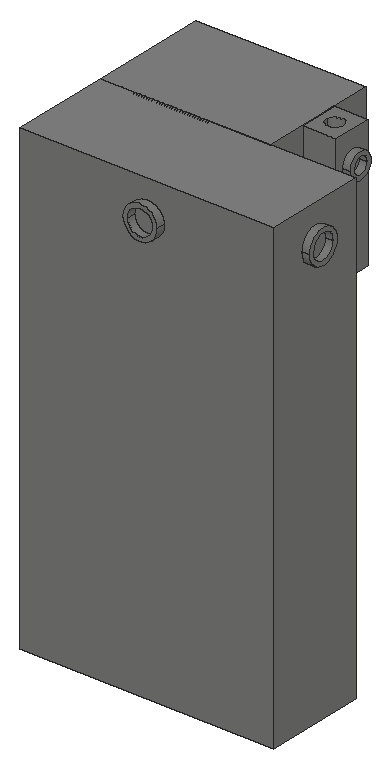
Revit family "Oil_Interceptors-Integral_Storage_Compartment-Jay R. Smith-8599_Series", category Specialty Equipment, host Face, Revit 2021
Family settings
  Host = Face
  Round Connector Dimension = Use Diameter
  Part Type = Normal
  OmniClass Number = 23.70.50.11.14.11
  OmniClass Title = Oil-Water Separators
  Cut with Voids When Loaded = No
  Shared = No
  Room Calculation Point = No
Parameters (values of type "8599-15-50")
  Waste Connection = yes
  Vent Connection Diameter = 3"  # constant formula
  Vent Connection = no
  URL = "https://www.jrsmith.com/"
  Traffic Rated Cover -H20 = no
  S Dimension = 9 3/4"
  R2 = (A Dimension / 2) + 1/2"  # 1 1/2"
  R1 = (Vent Connection Diameter / 2) + 1/2"  # 2"
  R Dimension = 55"
  Q Dimension = 12"
  Product Page URL = "https://www.jrsmith.com/oil-interceptors-8599"
  Product Documentation Link = "https://www.jrsmith.com/uploads/fileLibrary/d8599.pdf?v=638962435739970328"
  P Dimension = 50 3/4"
  Outlet Connection Diameter = A Dimension  # 2"
  Outlet Connection Description = "2\" Outlet Connection"
  N Dimension = 30"
  Model = "8599-15-50"
  Material = "Steel-Jay R. Smith-Fabricated"  # constant formula
  Manufacturer Product Line = "Drainage Products"  # constant formula
  Manufacturer = "Jay R. Smith"  # constant formula
  M Dimension = F Dimension + Q Dimension  # 26"
  J Dimension = 10 1/4"
  Installation Type = "Floor Mounted"  # constant formula
  Inlet/Outlet Radius = A Dimension / 2  # 1"
  Inlet Connection Diameter = A Dimension  # 2"
  Inlet Connection Description = "2\" Inlet Connection"
  High Level Sensor and Control Panel -CBS = no
  HW Connection = no
  H Dimension = 12"
  G Dimension = 2"
  Flow Rate = 50 GPM
  Finish = Steel-Jay R. Smith-Fabricated
  F Dimension = 14"
  Extension -E (Specify Height eg -E12 for 12" ext.) = no
  E Dimension = B Dimension + C Dimension  # 15 1/2"
  Double Wall Containment - DWC (Note 1) = no
  Description = "Oil Interceptors with Integral Storage Compartment"  # constant formula
  Default Elevation = 0"
  D Dimension = 25"
  Creation Date = "21/10/2025"  # constant formula
  Capacity = "15 Gals."
  CW Connection = no
  C Dimension = 3 1/2"
  B Dimension = 12"
  Assembly Code = "D2090300"
  A Dimension = 2"
  4"(100) Cleanout Access = no
Types (18): name | S Dimension | R2 | R Dimension | Q Dimension | P Dimension | Outlet Connection Diameter | Outlet Connection Description | N Dimension | Model | M Dimension | J Dimension | Inlet/Outlet Radius | Inlet Connection Diameter | Inlet Connection Description | H Dimension | G Dimension | Flow Rate | F Dimension | E Dimension | D Dimension | Capacity | C Dimension | B Dimension | A Dimension
  (no name) | 9 3/4" | 1 1/2" | 55" | 12" | 50 3/4" | 2" | "2\" Outlet Connection" | 30" | "8599-15-50" | 26" | 10 1/4" | 1" | 2" | "2\" Inlet Connection" | 12" | 2" | 50 GPM | 14" | 15 1/2" | 25" | "15 Gals." | 3 1/2" | 12" | 2"
  8599-10-5 | 9 1/4" | 1 1/2" | 13 1/4" | 11" | 10 1/4" | 2" | "2\" Outlet Connection" | 21 1/4" | "8599-10-5" | 24" | 9 1/2" | 1" | 2" | "2\" Inlet Connection" | 9 3/4" | 2" | 5 GPM | 13" | 13 1/4" | 21 1/4" | "10 Gals." | 3 3/4" | 9 1/2" | 2"
  8599-10-50 | 9 1/4" | 1 1/2" | 55" | 12" | 50 3/4" | 2" | "2\" Outlet Connection" | 30" | "8599-10-5" | 25" | 9 1/2" | 1" | 2" | "2\" Inlet Connection" | 9 3/4" | 2" | 50 GPM | 13" | 13 1/4" | 21 1/4" | "10 Gals." | 3 3/4" | 9 1/2" | 2"
  8599-15-50 | 9 3/4" | 1 1/2" | 55" | 12" | 50 3/4" | 2" | "2\" Outlet Connection" | 30" | "8599-15-50" | 26" | 10 1/4" | 1" | 2" | "2\" Inlet Connection" | 12" | 2" | 50 GPM | 14" | 15 1/2" | 25" | "15 Gals." | 3 1/2" | 12" | 2"
  8599-20-50 | 12 1/2" | 2" | 55" | 12" | 50 3/4" | 3" | "3\" Outlet Connection" | 30" | "8599-20-50" | 27 3/4" | 12" | 1 1/2" | 3" | "3\" Inlet Connection" | 13 1/2" | 2" | 50 GPM | 15 3/4" | 17" | 28 1/2" | "20 Gals." | 4" | 13" | 3"
  8599-25-100 | 13 1/2" | 2" | 61" | 15" | 56 3/4" | 3" | "3\" Outlet Connection" | 50 3/4" | "8599-25-100" | 31 3/4" | 12 3/4" | 1 1/2" | 3" | "3\" Inlet Connection" | 16 1/4" | 2" | 100 GPM | 16 3/4" | 19 3/4" | 30" | "25 Gals." | 4 1/2" | 15 1/4" | 3"
  8599-35-100 | 14" | 2" | 61" | 15" | 56 3/4" | 3" | "3\" Outlet Connection" | 50 3/4" | "8599-35-100" | 33 1/4" | 14 1/2" | 1 1/2" | 3" | "3\" Inlet Connection" | 17 1/2" | 2" | 100 GPM | 18 1/4" | 21" | 32 1/2" | "35 Gals." | 5" | 16" | 3"
  8599-50-100 | 16 3/4" | 2" | 61" | 15" | 56 3/4" | 3" | "3\" Outlet Connection" | 50 3/4" | "8599-50-100" | 35 3/4" | 16" | 1 1/2" | 3" | "3\" Inlet Connection" | 20 3/4" | 2" | 100 GPM | 20 3/4" | 24 1/4" | 35 1/2" | "50 Gals." | 6 3/4" | 17 1/2" | 3"
  8599-75-100 | 24" | 2 1/2" | 61" | 15" | 56 3/4" | 4" | "4\" Outlet Connection" | 50 3/4" | "8599-75-100" | 45 1/2" | 21" | 2" | 4" | "4\" Inlet Connection" | 32 3/4" | 3" | 100 GPM | 30 1/2" | 37" | 50 3/4" | "75 Gals." | 15 1/2" | 21 1/2" | 4"
  8599-100-250 | 25" | 2 1/2" | 65" | 25" | 60 3/4" | 4" | "4\" Outlet Connection" | 60 3/4" | "8599-100-250" | 58 1/2" | 23" | 2" | 4" | "4\" Inlet Connection" | 39 1/4" | 3" | 250 GPM | 33 1/2" | 43 1/2" | 54 3/4" | "100 Gals." | 16 1/2" | 27" | 4"
  8599-150-250 | 27" | 3" | 65" | 25" | 60 3/4" | 5" | "5\" Outlet Connection" | 60 3/4" | "8599-150-250" | 63 1/2" | 25 1/2" | 2 1/2" | 5" | "5\" Inlet Connection" | 46 1/4" | 4" | 250 GPM | 38 1/2" | 50 1/2" | 60 3/4" | "150 Gals." | 17 1/2" | 33" | 5"
  8599-200-250 | 27" | 3" | 65" | 25" | 60 3/4" | 5" | "5\" Outlet Connection" | 60 3/4" | "8599-200-250" | 68 1/2" | 29" | 2 1/2" | 5" | "5\" Inlet Connection" | 50 1/4" | 4" | 250 GPM | 43 1/2" | 54 1/2" | 67 3/4" | "200 Gals." | 17 1/2" | 37" | 5"
  8599-250-500 | 27 1/2" | 3" | 76" | 32" | 71 3/4" | 5" | "5\" Outlet Connection" | 90 3/4" | "8599-250-500" | 79 1/2" | 32" | 2 1/2" | 5" | "5\" Inlet Connection" | 53 3/4" | 4" | 500 GPM | 47 1/2" | 58" | 73 3/4" | "250 Gals." | 18" | 40" | 5"
  8599-300-500 | 27 1/2" | 3" | 76" | 32" | 71 3/4" | 5" | "5\" Outlet Connection" | 90 3/4" | "8599-300-500" | 86 1/4" | 38" | 2 1/2" | 5" | "5\" Inlet Connection" | 57 1/4" | 4" | 500 GPM | 54 1/4" | 61 1/2" | 85 3/4" | "300 Gals." | 18" | 43 1/2" | 5"
  8599-350-500 | 27 1/2" | 3" | 76" | 32" | 71 3/4" | 5" | "5\" Outlet Connection" | 90 3/4" | "8599-350-500" | 86 1/2" | 38" | 2 1/2" | 5" | "5\" Inlet Connection" | 57 1/4" | 4" | 500 GPM | 54 1/2" | 61 1/2" | 85 3/4" | "350 Gals." | 18" | 43 1/2" | 5"
  8599-400-500 | 27 1/2" | 3 1/2" | 76" | 32" | 71 3/4" | 6" | "6\" Outlet Connection" | 90 3/4" | "8599-400-500" | 86 1/2" | 38" | 3" | 6" | "6\" Inlet Connection" | 57 1/4" | 4" | 500 GPM | 54 1/2" | 61 1/2" | 85 3/4" | "400 Gals." | 18" | 43 1/2" | 6"
  8599-450-500 | 28" | 3 1/2" | 76" | 32" | 71 3/4" | 6" | "6\" Outlet Connection" | 90 3/4" | "8599-450-500" | 96 1/2" | 46" | 3" | 6" | "6\" Inlet Connection" | 61 3/4" | 5" | 500 GPM | 64 1/2" | 66" | 103 1/4" | "450 Gals." | 18" | 48" | 6"
  8599-500-750 | 28" | 3 1/2" | 88" | 35" | 83 3/4" | 6" | "6\" Outlet Connection" | 103 1/4" | "8599-500-750" | 99 1/2" | 46" | 3" | 6" | "6\" Inlet Connection" | 61 3/4" | 5" | 750 GPM | 64 1/2" | 66" | 103 1/4" | "500 Gals." | 18" | 48" | 6"
Reference planes (in)
  plane 1 "Center (Front/Back)": y = 0
  plane 2: z = 0
  plane 3 "Center (Left/Right)": x = 0
  plane 4: z = 0
  plane 5: x = 25
  plane 6: x = 10.25
  plane 7: y = 14
  plane 8: y = -12
  plane 9: z = 55
  plane 10: z = 45.25
  plane 11 "P": z = 50.75
  plane 12: z = 51.5
  plane 13: z = 39.5
  plane 14: z = 51.5
  plane 15: y = -6
  plane 16: y = 7
  plane 17: x = 15
  plane 18: x = -1
  plane 19: y = 15
  plane 20: x = 31
  plane 21: y = 4.66667
  plane 22: y = 9.33333
  plane 23: y = -13
  plane 24: x = 24
  plane 25: x = 23
  plane 26: x = 21
  plane 27: x = 20
  plane 28: x = 30
Forms (in)
  Extrusion 1, solid, material "Steel-Jay R. Smith-Fabricated" <- "Finish"
    sketch origin (0, 0, 0) x (1, 0, 0) y (0, 1, 0)
      loop
        line (0, 0) -> (0, -12) -> (30, -12) -> (30, 0) -> (0, 0)
    from 0 to 55
  Extrusion 2, solid, material "Steel-Jay R. Smith-Fabricated" <- "Finish"
    sketch origin (0, 0, 0) x (0, 1, 0) y (0, 0, 1)
      loop
        circle (-6, 50.75) r 2
      loop
        circle (-6, 50.75) r 1.5
    from -1 to 31
  Extrusion 3, solid, material "Steel-Jay R. Smith-Fabricated" <- "Finish"
    sketch origin (0, 29.25, 0) x (0, 1, 0) y (0, 0, 1)
      loop
        circle (-22.25, 51.5) r 1
      loop
        circle (-22.25, 51.5) r 1.5
    from -1 to 25
  Extrusion 4, solid, material "Steel-Jay R. Smith-Fabricated" <- "Finish"
    sketch origin (0, 0, 0) x (1, 0, 0) y (0, 0, 1)
      loop
        circle (10.25, 51.5) r 1.5
      loop
        circle (10.25, 51.5) r 2
    from 0 to -15
  Extrusion 5, solid, material "Steel-Jay R. Smith-Fabricated" <- "Finish"
    sketch origin (0, 0, 0) x (1, 0, 0) y (0, 0, 1)
      loop
        circle (15, 50.75) r 1.5
      loop
        circle (15, 50.75) r 2
    from 0 to 13
  Extrusion 6, solid, material "Steel-Jay R. Smith-Fabricated" <- "Finish"
    sketch origin (0, 0, 0) x (0, 1, 0) y (0, 0, 1)
      loop
        line (4.66667, 55) -> (4.66667, 39.5) -> (9.33333, 39.5) -> (9.33333, 55) -> (4.66667, 55)
    from 24 to 20
  Extrusion 7, void
    sketch origin (0, 0, 0) x (1, 0, 0) y (0, 1, 0)
      loop
        circle (22, 7) r 1
    from 39.5 to 55
  Extrusion 8, solid, material "Steel-Jay R. Smith-Fabricated" <- "Finish"
    sketch origin (0, 0, 0) x (1, 0, 0) y (0, 1, 0)
      loop
        line (0, 14) -> (0, 0) -> (20, 0) -> (20, 14) -> (0, 14)
    from 39.5 to 55
Cuts and joins
  Extrusion 7 cuts Extrusion 6
Dimensions and locks (in)
  "D Dimension": plane 3 "Center (Left/Right)" to plane 5
  "J Dimension": plane 3 "Center (Left/Right)" to plane 6
  "F Dimension": plane 1 "Center (Front/Back)" to plane 7
  "Q Dimension": plane 8 to plane 1 "Center (Front/Back)"
  plane 7 to plane 8 = 26"
  plane 8 to plane 1 "Center (Front/Back)" = 12"
  plane 1 "Center (Front/Back)" to plane 7 = 14"
  "R Dimension": plane 9 to level
  "S Dimension": plane 9 to plane 10
  "P Dimension": plane 11 "P" to level
  "C Dimension": plane 9 to plane 12
  "B Dimension": plane 12 to plane 13
  "H Dimension": plane 14 to plane 13
  equal spacing: plane 8, plane 15, plane 1 "Center (Front/Back)"
  equal spacing: plane 1 "Center (Front/Back)", plane 16, plane 7
  plane 6 to plane 3 "Center (Left/Right)" = 10 1/4"
  plane 13 to plane 14 = 12"
  plane 18 to plane 3 "Center (Left/Right)" = 1"
  locked: plane 19 to plane 7 at 1
  equal spacing: plane 1 "Center (Front/Back)", plane 21, plane 22, plane 7
  locked: plane 8 to plane 23 at 1
  plane 25 to plane 24 to plane 5 = 1" locked, 1" locked
  "G Dimension": plane 26 to plane 25
  locked: plane 27 to plane 26 at 1
  equal spacing: plane 26, Extrusion 7 sketch curve, plane 25
  "N Dimension": plane 3 "Center (Left/Right)" to plane 28
  locked: plane 28 to plane 20 at 1
  equal spacing: plane 28, plane 17, plane 3 "Center (Left/Right)"
  plane 11 "P" to host face = 50 3/4"
  "Inlet/Outlet Radius": radius of Extrusion 3 sketch curve
  "G Dimension": diameter of Extrusion 7 sketch curve
  "R1": radius of Extrusion 2 sketch curve
  "R1": radius of Extrusion 5 sketch curve
  "R2": radius of Extrusion 3 sketch curve
  "R1": radius of Extrusion 4 sketch curve
  aligned and locked: host face to plane 2
  aligned and locked: host face to level
  aligned and locked: plane 3 "Center (Left/Right)" to Extrusion 1 sketch curve
  aligned and locked: plane 1 "Center (Front/Back)" to Extrusion 1 sketch curve
  aligned and locked: plane 8 to Extrusion 1 sketch curve
  aligned and locked: plane 9 to Extrusion 1
  aligned and locked: plane 11 "P" to Extrusion 2 sketch curve  (x2)
  aligned and locked: Extrusion 2 sketch curve to plane 15  (x2)
  aligned and locked: plane 16 to Extrusion 3 sketch curve  (x2)
  aligned and locked: plane 12 to Extrusion 3 sketch curve  (x2)
  aligned and locked: plane 6 to Extrusion 4 sketch curve  (x2)
  aligned and locked: plane 14 to Extrusion 4 sketch curve  (x2)
  aligned and locked: Extrusion 3 to plane 18
  aligned and locked: Extrusion 2 to plane 18
  aligned and locked: plane 19 to Extrusion 4
  aligned and locked: plane 20 to Extrusion 2
  aligned and locked: plane 5 to Extrusion 3
  aligned and locked: Extrusion 6 sketch curve to plane 9
  aligned and locked: Extrusion 6 sketch curve to plane 21
  aligned and locked: plane 22 to Extrusion 6 sketch curve
  aligned and locked: plane 13 to Extrusion 6 sketch curve
  aligned and locked: plane 16 to Extrusion 7 sketch curve
  aligned and locked: plane 9 to Extrusion 7
  aligned and locked: Extrusion 7 to plane 13
  aligned and locked: Extrusion 5 sketch curve to plane 17
  aligned and locked: Extrusion 1 to level
  aligned and locked: Extrusion 5 to plane 23
  aligned and locked: Extrusion 8 sketch curve to plane 1 "Center (Front/Back)"
  aligned and locked: plane 3 "Center (Left/Right)" to Extrusion 8 sketch curve
  aligned and locked: Extrusion 8 sketch curve to plane 7
  aligned and locked: plane 9 to Extrusion 8
  aligned and locked: Extrusion 8 to plane 13
  aligned and locked: Extrusion 8 sketch curve to plane 27
  aligned and locked: cut or joined group of Extrusion 6, Extrusion 7 to plane 24
  aligned and locked: plane 27 to cut or joined group of Extrusion 6, Extrusion 7
  aligned and locked: Extrusion 1 sketch curve to plane 28
  aligned and locked: plane 11 "P" to Extrusion 5 sketch curve  (x2)
Automatic sketch dimensions
  host sketch curve to host sketch curve = 165.00108"
  host sketch curve to host sketch curve = 120"
  Extrusion 5 sketch curve to Extrusion 5 sketch curve = 0"
  radius of Extrusion 2 sketch curve = 1 1/2"
  radius of Extrusion 4 sketch curve = 1 1/2"
  radius of Extrusion 5 sketch curve = 1 1/2"
Connectors (in)
  piping at (15, -13, 50.75), diameter 3, driven by "Vent Connection Diameter"
    settings: on Extrusion 5, index 1, connector inside diameter 24", connector length 0", flow factor 0, pipe flow 0 GPM, pressure drop 0.00 psi, fitting loss kfactor 0, connector angle 0.00°, fixture units 0, engagement length 0", angle of deflection 0.00°, flow configuration 0, flow direction 2, fitting loss method 0, system type 17, joint type 0, gender type 0, connector reference index -1, connector utility 0, adjustable connector no, is connector primary yes, connector description "3\" Vent Outlet Connectio Front"
  piping at (31, -6, 50.75), diameter 3, driven by "Vent Connection Diameter"
    settings: on Extrusion 2, index 2, connector inside diameter 24", connector length 0", flow factor 0, pipe flow 0 GPM, pressure drop 0.00 psi, fitting loss kfactor 0, connector angle 0.00°, fixture units 0, engagement length 0", angle of deflection 0.00°, flow configuration 0, flow direction 2, fitting loss method 0, system type 17, joint type 0, gender type 0, connector reference index -1, connector utility 0, adjustable connector no, is connector primary no, connector description "3\" Vent Outlet Connection Right"
  piping at (10.25, 15, 51.5), diameter 3, driven by "Vent Connection Diameter"
    settings: on Extrusion 4, index 3, connector inside diameter 24", connector length 0", flow factor 0, pipe flow 0 GPM, pressure drop 0.00 psi, fitting loss kfactor 0, connector angle 0.00°, fixture units 0, engagement length 0", angle of deflection 0.00°, flow configuration 0, flow direction 2, fitting loss method 0, system type 17, joint type 0, gender type 0, connector reference index -1, connector utility 0, adjustable connector no, is connector primary no, connector description "3\" Vent Outlet Connection Back"
  piping at (-1, -6, 50.75), diameter 3, driven by "Vent Connection Diameter"
    settings: on Extrusion 2, index 4, connector inside diameter 24", connector length 0", flow factor 0, pipe flow 0 GPM, pressure drop 0.00 psi, fitting loss kfactor 0, connector angle 0.00°, fixture units 0, engagement length 0", angle of deflection 0.00°, flow configuration 0, flow direction 2, fitting loss method 0, system type 17, joint type 0, gender type 0, connector reference index -1, connector utility 0, adjustable connector no, is connector primary no, connector description "3\" Vent Outlet Connection Left"
  piping at (25, 7, 51.5), diameter 2, driven by "Outlet Connection Diameter", driven by "Outlet Connection Description"
    settings: on Extrusion 3, index 5, connector inside diameter 24", connector length 0", flow factor 0, pipe flow 0 GPM, pressure drop 0.00 psi, fitting loss kfactor 0, connector angle 0.00°, fixture units 0, engagement length 0", angle of deflection 0.00°, flow configuration 0, flow direction 2, fitting loss method 0, system type 29, joint type 0, gender type 0, connector reference index -1, connector utility 0, adjustable connector no, is connector primary no, connector description "2\" Outlet Connection"
  piping at (-1, 7, 51.5), diameter 2, driven by "A Dimension", driven by "Inlet Connection Description"
    settings: on Extrusion 3, index 7, connector inside diameter 24", connector length 0", flow factor 0, pipe flow 0 GPM, pressure drop 0.00 psi, fitting loss kfactor 0, connector angle 0.00°, fixture units 0, engagement length 0", angle of deflection 0.00°, flow configuration 0, flow direction 1, fitting loss method 0, system type 29, joint type 0, gender type 0, connector reference index -1, connector utility 0, adjustable connector no, is connector primary no, connector description "2\" Inlet Connection"
